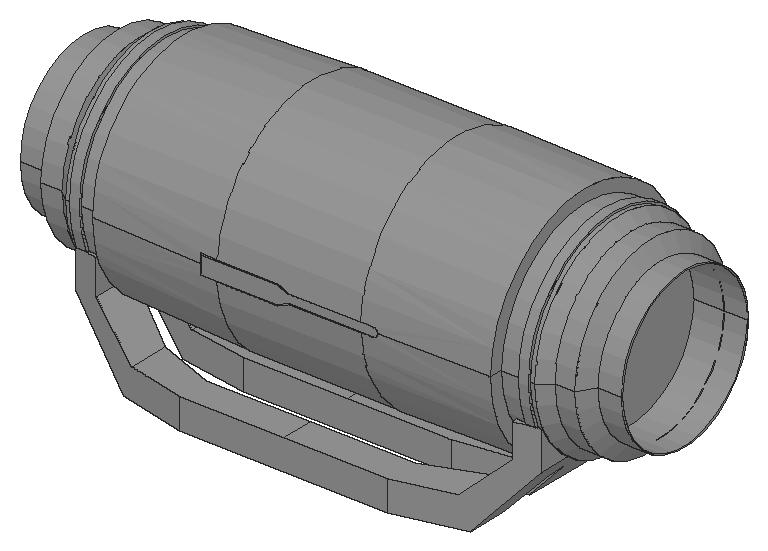
Revit family "Stream_Eng", category Mechanical Equipment, Revit 2021
Family settings
  Round Connector Dimension = Use Diameter
  Classification = None
  Part Type = Normal
  Work Plane-Based = No
  Always vertical = Yes
  Cut with Voids When Loaded = No
  Shared = No
  Room Calculation Point = No
Parameters (values of type "Stream 150/160 (spigot 160 mm)")
  Width = B  # 253 mm
  Weight = 5.00 kg
  Voltage = 230 V
  Pressure_Static_Air [instance] = 0.0 Pa
  Power = 51 W
  Number of Fase = 1
  Maximum Air Flow = 150.0 L/s
  Load Classification = "HVAC"
  Length = L  # 606 mm
  Height = H  # 273 mm
  Frequency = 50 Hz  # constant formula
  Diameter = D  # 160 mm
  Default Elevation = 0 mm
  Frame = Frame : 160
  Manufacturer = "Vents"  # constant formula
  r3 = 120 mm  # constant formula
  r22 = r2 + 2 mm  # 107.6 mm
  r2 = D * 0.66  # 105.6 mm
  r1 = D * 0.6  # 96 mm
  r = D * 0.5  # 80 mm
  l6 = L * 0.24  # 145.44 mm
  l5 = L * 0.166  # 100.596 mm
  l4 = L * 0.11  # 66.66 mm
  l3 = L * 0.09  # 54.54 mm
  l2 = L * 0.056  # 33.936 mm
  l1 = L * 0.04  # 24.24 mm
  Maintenance zone material = none
  URL = "https://ventilation-system.com/series/stream"
  L1 = L - l4 * 2 - 10 mm  # 462.68 mm
  L = 606 mm
  H = 273 mm
  D1 = D - 2 mm  # 158 mm
  D = 160 mm
  Casing Material = Metal, painted, blue, matte RAL 5007
  B = 253 mm
  Amperage = 0.24 A
  Air Flow [instance] = 0.0 L/s
  09_System_Name [instance] = ""
  00_20_Type = "Stream 150/160 (spigot 160 mm)"
  00_20_Name = "Sound-insulated fan"  # constant formula
  00_20_Manufacturer = "Vents"  # constant formula
Types (5, lengths in mm): name | Power | Maximum Air Flow | Length | Diameter | Frame | r22 | r2 | r1 | r | l6 | l5 | l4 | l3 | l2 | l1 | L1 | L | D1 | D | Casing Material | Amperage | 00_20_Type
  (no name) | 51 W | 150.0 L/s | 606 | 160 | Frame : 160 | 107.6 | 105.6 | 96 | 80 | 145.44 | 100.596 | 66.66 | 54.54 | 33.936 | 24.24 | 462.68 | 606 | 158 | 160 | Metal, painted, blue, matte RAL 5007 | 0.24 A | "Stream 150/160 (spigot 160 mm)"
  Stream 100/125 (spigot 100 mm) | 32 W | 61.0 L/s | 752 | 100 | Frame : 100 | 68 | 66 | 60 | 50 | 180.48 | 124.832 | 82.72 | 67.68 | 42.112 | 30.08 | 576.56 | 752 | 98 | 100 | Пластмаса, непрозора, біла | 0.15 A | "Stream 100/125 (spigot 100 mm)"
  Stream 100/125 (spigot 125 mm) | 34 W | 89.0 L/s | 679 | 125 | Frame : 125 | 84.5 | 82.5 | 75 | 62.5 | 162.96 | 112.714 | 74.69 | 61.11 | 38.024 | 27.16 | 519.62 | 679 | 123 | 125 | Metal, painted, blue, matte RAL 5007 | 0.16 A | "Stream 100/125 (spigot 125 mm)"
  Stream 150/160 (spigot 150 mm) | 51 W | 150.0 L/s | 606 | 150 | Frame : 150 | 101 | 99 | 90 | 75 | 145.44 | 100.596 | 66.66 | 54.54 | 33.936 | 24.24 | 462.68 | 606 | 148 | 150 | Metal, painted, blue, matte RAL 5007 | 0.24 A | "Stream 150/160 (spigot 150 mm)"
  Stream 150/160 (spigot 160 mm) | 51 W | 150.0 L/s | 606 | 160 | Frame : 160 | 107.6 | 105.6 | 96 | 80 | 145.44 | 100.596 | 66.66 | 54.54 | 33.936 | 24.24 | 462.68 | 606 | 158 | 160 | Metal, painted, blue, matte RAL 5007 | 0.24 A | "Stream 150/160 (spigot 160 mm)"
Reference planes
  plane 1 "По центру (Вперед/Назад)": y = 0
  plane 2: z = 0
  plane 3 "По центру (Влево/Вправо)": x = 0
  plane 4: z = 120
Forms (mm)
  Revolve 1, solid, material "Пластмаса, непрозора, біла"
    sketch origin (0, 0, 0) x (1, 0, 0) y (0, 1, 0)
      loop
        line (-303, 0) -> (303, 0) -> (303, 80) -> (278.76, 80) -> (269.064, 96) -> (248.46, 96) -> (236.34, 105.6) -> (202.404, 105.6) -> (202.404, 118.437) -> (72.72, 120) -> (-72.72, 120) -> (-202.404, 114.975) -> (-202.404, 105.6) -> (-236.34, 105.6) -> (-248.46, 96) -> (-269.064, 96) -> (-278.76, 80) -> (-303, 80) -> (-303, 0)
      axis (-303, 0) -> (303, 0)
    angle from 0 to 360
  Extrusion 2, void
    sketch origin (0, 0, 0) x (0, 1, 0) y (0, 0, 1)
      loop
        circle (0, 0) r 79
    from -303 to -248.46
  Extrusion 3, void
    sketch origin (0, 0, 0) x (0, 1, 0) y (0, 0, 1)
      loop
        circle (0, 0) r 79
    from 248.46 to 303
  Extrusion 4, void
    sketch origin (0, 0, 0) x (1, 0, 0) y (0, 0, 1)
      loop
        line (-89.615, 10) -> (-89.615, -10) -> (-11.434, -10) -> (-0.625, -5) -> (84.608, -5)
        arc (84.608, -5) -> (89.608, 0) -> (84.608, 5) r 5
        line (84.608, 5) -> (-0.625, 5) -> (-11.434, 10) -> (-89.615, 10)
    from 115.941 to 132.954
  Extrusion 5, solid, material "Пластмасса, красная"
    sketch origin (-295, 0, 0) x (0, 1, 0) y (0, 0, 1)
      loop
        line (95.586, -44.886) -> (97.791, -44.886)
        arc (97.791, -44.886) -> (0, 107.6) -> (-97.791, -44.886) r 107.6
        line (-97.791, -44.886) -> (-95.586, -44.886)
        arc (-95.586, -44.886) -> (0, 105.6) -> (95.586, -44.886) r 105.6
    from 63.66 to 73.66
  Extrusion 6, solid, material "Пластмасса, красная"
    sketch origin (595, 0, 0) x (0, 1, 0) y (0, 0, 1)
      loop
        line (95.586, -44.886) -> (97.791, -44.886)
        arc (97.791, -44.886) -> (0, 107.6) -> (-97.791, -44.886) r 107.6
        line (-97.791, -44.886) -> (-95.586, -44.886)
        arc (-95.586, -44.886) -> (0, 105.6) -> (95.586, -44.886) r 105.6
    from -373.66 to -363.66
  Extrusion 7, void
    sketch origin (0, 0, 0) x (1, 0, 0) y (0, 0, -1)
      loop
        line (-89.615, -10) -> (-11.434, -10) -> (-0.625, -5) -> (84.608, -5)
        arc (84.608, -5) -> (89.608, 0) -> (84.608, 5) r 5
        line (84.608, 5) -> (-0.625, 5) -> (-11.434, 10) -> (-89.615, 10) -> (-89.615, -10)
    from 115.941 to 132.954
  Extrusion 8, solid, material "Пластмасса, красная"
    sketch origin (0, 0, 0) x (1, 0, 0) y (0, 0, 1)
      loop
        line (-88.99, 9.063) -> (-88.99, -9.062) -> (-11.383, -9.062) -> (-1.25, -4.375) -> (84.608, -4.375)
        arc (84.608, -4.375) -> (88.983, 0) -> (84.608, 4.375) r 4.375
        line (84.608, 4.375) -> (-1.25, 4.375) -> (-11.383, 9.063) -> (-88.99, 9.063)
    from 115.941 to 119.583
  Extrusion 9, solid, material "Пластмасса, красная"
    sketch origin (0, 0, 0) x (1, 0, 0) y (0, 0, -1)
      loop
        line (-88.99, -9.063) -> (-11.383, -9.063) -> (-1.25, -4.375) -> (84.608, -4.375)
        arc (84.608, -4.375) -> (88.983, 0) -> (84.608, 4.375) r 4.375
        line (84.608, 4.375) -> (-1.25, 4.375) -> (-11.383, 9.062) -> (-88.99, 9.062) -> (-88.99, -9.063)
    from 115.941 to 119.583
Cuts and joins
  Extrusion 2, Extrusion 3, Extrusion 4, Extrusion 7 cuts Revolve 1
Dimensions and locks
  "r": plane 1 "По центру (Вперед/Назад)" to Revolve 1 sketch curve  (x2)
  "L": Revolve 1 sketch curve to Revolve 1 sketch curve
  "r2": plane 1 "По центру (Вперед/Назад)" to Revolve 1 sketch curve  (x2)
  "r1": plane 1 "По центру (Вперед/Назад)" to Revolve 1 sketch curve  (x2)
  "r3": Revolve 1 sketch curve to plane 1 "По центру (Вперед/Назад)"
  equal spacing: Revolve 1 sketch curve, plane 3 "По центру (Влево/Вправо)", Revolve 1 sketch curve  (x2)
  "l1": Revolve 1 sketch curve to Revolve 1 sketch curve  (x2)
  "l3": Revolve 1 sketch curve to Revolve 1 sketch curve  (x2)
  "l5": Revolve 1 sketch curve to Revolve 1 sketch curve  (x2)
  "l2": Revolve 1 sketch curve to Revolve 1 sketch curve  (x2)
  "l4": Revolve 1 sketch curve to Revolve 1 sketch curve  (x2)
  "l6": Revolve 1 sketch curve to Revolve 1 sketch curve
  locked: Extrusion 5 to Extrusion 5 at 10
  locked: Extrusion 6 to Extrusion 6 at 10
  equal spacing: Extrusion 5, plane 3 "По центру (Влево/Вправо)", Extrusion 6
  "L1": Extrusion 5 to Extrusion 6
  "H": plane 4 to nested 1
  plane 4 to level = 120 mm
  "B": nested 1 to nested 1
  "D1": diameter of Extrusion 2 sketch curve
  "D1": diameter of Extrusion 3 sketch curve
  "r2": radius of Extrusion 5 sketch curve
  "r22": radius of Extrusion 5 sketch curve
  "r2": radius of Extrusion 6 sketch curve
  "r22": radius of Extrusion 6 sketch curve
  aligned and locked: level to plane 2
  aligned and locked: Revolve 1 sketch curve to Revolve 1 sketch curve
  aligned and locked: Revolve 1 to Extrusion 2  (x2)
  aligned and locked: Extrusion 3 to Revolve 1  (x2)
  aligned and locked: plane 3 "По центру (Влево/Вправо)" to nested 1
  aligned and locked: plane 1 "По центру (Вперед/Назад)" to nested 1
Automatic sketch dimensions
  Extrusion 4 sketch curve to level = 0 mm
  level to Extrusion 4 sketch curve = 10 mm
  Extrusion 4 sketch curve to plane 3 "По центру (Влево/Вправо)" = 89.615 mm
  Extrusion 4 sketch curve to plane 3 "По центру (Влево/Вправо)" = 11.434 mm  (x2)
  Extrusion 4 sketch curve to plane 3 "По центру (Влево/Вправо)" = 0.625 mm  (x2)
  level to Extrusion 4 sketch curve = 5 mm
  plane 3 "По центру (Влево/Вправо)" to Extrusion 4 sketch curve = 84.608 mm
  Extrusion 4 sketch curve to level = 10 mm
  Extrusion 7 sketch curve to level = 0 mm
  level to Extrusion 7 sketch curve = 10 mm
  Extrusion 7 sketch curve to plane 3 "По центру (Влево/Вправо)" = 89.615 mm
  Extrusion 7 sketch curve to plane 3 "По центру (Влево/Вправо)" = 11.434 mm  (x2)
  Extrusion 7 sketch curve to plane 3 "По центру (Влево/Вправо)" = 0.625 mm  (x2)
  level to Extrusion 7 sketch curve = 5 mm
  plane 3 "По центру (Влево/Вправо)" to Extrusion 7 sketch curve = 84.608 mm
  Extrusion 7 sketch curve to level = 10 mm
  Extrusion 8 sketch curve to level = 0 mm
  level to Extrusion 8 sketch curve = 9.063 mm
  Extrusion 8 sketch curve to plane 3 "По центру (Влево/Вправо)" = 88.99 mm
  Extrusion 8 sketch curve to plane 3 "По центру (Влево/Вправо)" = 11.383 mm  (x2)
  Extrusion 8 sketch curve to plane 3 "По центру (Влево/Вправо)" = 1.25 mm  (x2)
  level to Extrusion 8 sketch curve = 4.375 mm
  plane 3 "По центру (Влево/Вправо)" to Extrusion 8 sketch curve = 84.608 mm
  Extrusion 8 sketch curve to level = 9.062 mm
  Extrusion 9 sketch curve to level = 0 mm
  level to Extrusion 9 sketch curve = 9.063 mm
  Extrusion 9 sketch curve to plane 3 "По центру (Влево/Вправо)" = 88.99 mm
  Extrusion 9 sketch curve to plane 3 "По центру (Влево/Вправо)" = 11.383 mm  (x2)
  Extrusion 9 sketch curve to plane 3 "По центру (Влево/Вправо)" = 1.25 mm  (x2)
  level to Extrusion 9 sketch curve = 4.375 mm
  plane 3 "По центру (Влево/Вправо)" to Extrusion 9 sketch curve = 84.608 mm
  Extrusion 9 sketch curve to level = 9.062 mm
  plane 1 "По центру (Вперед/Назад)" to Revolve 1 sketch curve = 0 mm
  Revolve 1 sketch curve to Revolve 1 sketch curve = 9.375 mm
  Revolve 1 sketch curve to Revolve 1 sketch curve = 12.837 mm
  Revolve 1 sketch curve to plane 3 "По центру (Влево/Вправо)" = 55.625 mm
  plane 3 "По центру (Влево/Вправо)" to Revolve 1 sketch curve = 49.375 mm
  Extrusion 2 sketch curve to level = 0 mm
  Extrusion 2 sketch curve to plane 1 "По центру (Вперед/Назад)" = 0 mm
  Extrusion 3 sketch curve to level = 0 mm
  Extrusion 3 sketch curve to plane 1 "По центру (Вперед/Назад)" = 0 mm
  Extrusion 5 sketch curve to Extrusion 5 sketch curve = 0 mm  (x2)
  Extrusion 5 sketch curve to level = 0 mm
  Extrusion 5 sketch curve to plane 1 "По центру (Вперед/Назад)" = 0 mm
  Extrusion 5 sketch curve to level = 44.886 mm  (x2)
  Extrusion 6 sketch curve to Extrusion 6 sketch curve = 0 mm  (x2)
  Extrusion 6 sketch curve to level = 0 mm
  Extrusion 6 sketch curve to plane 1 "По центру (Вперед/Назад)" = 0 mm
  Extrusion 6 sketch curve to level = 44.886 mm  (x2)
Nested families
  nested 1: "Frame" at (0, 0, -0.167), type <- "Frame", type "160"
Connectors
  hvac at (-303, 0, 0), driven by "D"
    settings: on cut or joined group of Revolve 1, Extrusion 2, Extrusion 3, Extrusion 4, Extrusion 7, index 1, duct flow 0.0 L/s, flow factor 0, pres drop 0.0 Pa, loss coef 0, conn angle 0.00°, conn width 304.8 mm, conn height 304.8 mm, conn diameter 160 mm, duct sys type 1, conn prof type 0, flow config 0, flow direction 2, loss method 0, conn ref index -1, conn util no, is conn primary yes, conn desc ""
  hvac at (303, 0, 0), driven by "D"
    settings: on cut or joined group of Revolve 1, Extrusion 2, Extrusion 3, Extrusion 4, Extrusion 7, index 2, duct flow 0.0 L/s, flow factor 0, pres drop 0.0 Pa, loss coef 0, conn angle 0.00°, conn width 304.8 mm, conn height 304.8 mm, conn diameter 160 mm, duct sys type 1, conn prof type 0, flow config 0, flow direction 2, loss method 0, conn ref index -1, conn util no, is conn primary no, conn desc ""
Definition of nested family "Frame"
  Parameters (values of type "100")
    Default Elevation = 0 mm
    r2 = D * 0.66  # 66 mm
    l2 = 530 mm
    l1 = 380 mm
    L2 = 580 mm
    L1 = 415.148 mm
    D = 100 mm
  Types (4, lengths in mm): name | r2 | l2 | l1 | L2 | L1 | D
    100 | 66 | 530 | 380 | 580 | 415.148 | 100
    125 | 82.5 | 475 | 380 | 525 | 400 | 125
    150 | 99 | 420 | 330 | 470 | 350 | 150
    160 | 105.6 | 420 | 330 | 470 | 350 | 160
  Reference planes
    plane 1 "По центру (Вперед/Назад)": y = 0
    plane 2: z = 0
    plane 3 "По центру (Влево/Вправо)": x = 0
  Forms (mm)
    Extrusion 1, solid
      sketch origin (0, 0, 0) x (1, 0, 0) y (0, 0, 1)
        loop
          line (-290, -84.886) -> (-207.574, -152.833) -> (0, -152.833) -> (207.574, -152.833) -> (290, -84.886) -> (290, -44.886) -> (265, -44.886) -> (265, -79.886) -> (190, -122.386) -> (0, -122.386) -> (-190, -122.386) -> (-265, -79.886) -> (-265, -44.886) -> (-290, -44.886) -> (-290, -84.886)
      from -126.5 to 126.5
    Extrusion 2, void
      sketch origin (0, 0, 0) x (1, 0, 0) y (0, 1, 0)
        loop
          line (-290, 81.5) -> (-104.971, 126.5) -> (-290, 126.5) -> (-290, 81.5)
        loop
          line (290, 81.5) -> (290, 126.5) -> (104.971, 126.5) -> (290, 81.5)
        loop
          line (-290, -81.5) -> (-290, -126.5) -> (-104.971, -126.5) -> (-290, -81.5)
        loop
          line (290, -81.5) -> (104.971, -126.5) -> (290, -126.5) -> (290, -81.5)
      from -152.833 to -44.886
    Extrusion 3, void
      sketch origin (0, 0, 0) x (1, 0, 0) y (0, 1, 0)
        loop
          line (-265, 54.217) -> (-265, 29.217) -> (-104.971, 46.037) -> (104.971, 46.037) -> (265, 29.217) -> (265, 54.217) -> (104.971, 93.137) -> (-104.971, 93.137) -> (-265, 54.217)
        loop
          line (-265, -29.217) -> (-265, -54.217) -> (-104.971, -93.137) -> (104.971, -93.137) -> (265, -54.217) -> (265, -29.217) -> (104.971, -46.037) -> (-104.971, -46.037) -> (-265, -29.217)
      from -152.833 to -44.886
    Extrusion 4, void
      sketch origin (0, 0, 0) x (0, 1, 0) y (0, 0, 1)
        loop
          circle (0, 0) r 66
      from -290 to 290
  Cuts and joins
    Extrusion 2, Extrusion 3, Extrusion 4 cuts Extrusion 1
  Dimensions and locks
    equal spacing: Extrusion 1 sketch curve, plane 3 "По центру (Влево/Вправо)", Extrusion 1 sketch curve  (x4)
    "L1": Extrusion 1 sketch curve to Extrusion 1 sketch curve
    "l1": Extrusion 1 sketch curve to Extrusion 1 sketch curve
    "L2": Extrusion 1 sketch curve to Extrusion 1 sketch curve
    "l2": Extrusion 1 sketch curve to Extrusion 1 sketch curve
    "l2": Extrusion 3 sketch curve to Extrusion 3 sketch curve  (x2)
    equal spacing: Extrusion 3 sketch curve, plane 3 "По центру (Влево/Вправо)", Extrusion 3 sketch curve  (x2)
    "r2": radius of Extrusion 4 sketch curve
    aligned and locked: level to plane 2
  Automatic sketch dimensions
    Extrusion 2 sketch curve to plane 1 "По центру (Вперед/Назад)" = 81.5 mm  (x2)
    Extrusion 2 sketch curve to plane 3 "По центру (Влево/Вправо)" = 290 mm
    plane 1 "По центру (Вперед/Назад)" to Extrusion 2 sketch curve = 81.5 mm  (x2)
    Extrusion 2 sketch curve to Extrusion 2 sketch curve = 0 mm  (x2)
    Extrusion 2 sketch curve to plane 3 "По центру (Влево/Вправо)" = 104.971 mm  (x2)
    plane 3 "По центру (Влево/Вправо)" to Extrusion 2 sketch curve = 104.971 mm  (x2)
    Extrusion 2 sketch curve to Extrusion 2 sketch curve = 185.029 mm
    Extrusion 2 sketch curve to Extrusion 2 sketch curve = 45 mm  (x2)
    plane 1 "По центру (Вперед/Назад)" to Extrusion 2 sketch curve = 126.5 mm
    Extrusion 2 sketch curve to plane 1 "По центру (Вперед/Назад)" = 126.5 mm
    Extrusion 1 sketch curve to plane 3 "По центру (Влево/Вправо)" = 0 mm  (x2)
    Extrusion 1 sketch curve to level = 152.833 mm
    Extrusion 1 sketch curve to Extrusion 1 sketch curve = 30.447 mm
    Extrusion 1 sketch curve to level = 84.886 mm  (x2)
    Extrusion 1 sketch curve to Extrusion 1 sketch curve = 5 mm  (x2)
    Extrusion 1 sketch curve to Extrusion 1 sketch curve = 35 mm  (x2)
    Extrusion 3 sketch curve to plane 3 "По центру (Влево/Вправо)" = 104.971 mm  (x2)
    Extrusion 3 sketch curve to plane 1 "По центру (Вперед/Назад)" = 46.037 mm
    Extrusion 3 sketch curve to Extrusion 3 sketch curve = 0 mm  (x5)
    plane 3 "По центру (Влево/Вправо)" to Extrusion 3 sketch curve = 104.971 mm
    Extrusion 3 sketch curve to plane 1 "По центру (Вперед/Назад)" = 29.217 mm  (x2)
    plane 1 "По центру (Вперед/Назад)" to Extrusion 3 sketch curve = 29.217 mm  (x2)
    plane 1 "По центру (Вперед/Назад)" to Extrusion 3 sketch curve = 46.037 mm
    Extrusion 3 sketch curve to Extrusion 3 sketch curve = 25 mm  (x4)
    Extrusion 3 sketch curve to Extrusion 3 sketch curve = 47.1 mm  (x2)
    Extrusion 4 sketch curve to level = 0 mm
    Extrusion 4 sketch curve to plane 1 "По центру (Вперед/Назад)" = 0 mm
